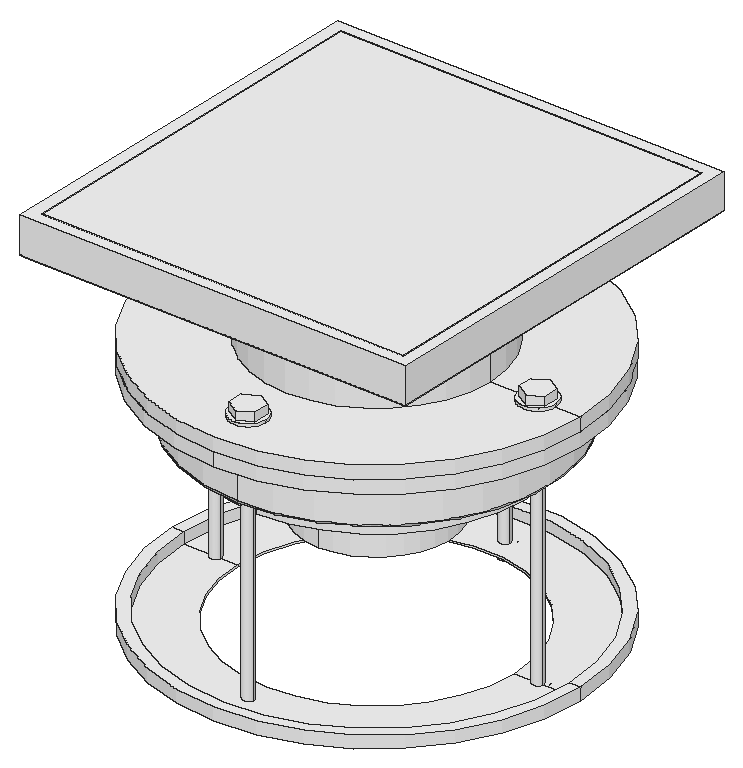
Revit family "R1100-PR", category Plumbing Fixtures, host Face, Revit 2018
Family settings
  Host = Face
  Round Connector Dimension = Use Radius
  Part Type = Normal
  Cut with Voids When Loaded = No
  Shared = No
  Room Calculation Point = No
Parameters (values of type "3" Drain Pipe Size")
  WFU = 0
  URL = "WWW.MIFAB.COM"
  Top Assembly Adjustment = 0' - 3"
  Pipe Radius = Pipe Diameter / 2  # 0' - 1 1/2"
  Pipe Diameter = 0' - 3"
  Model = "R1100-PR"
  Manufacturer = "MIFAB"
  Floor Drain Material = Paint - Sherwin Williams Paint - #952C2A - Bellwood Red
  Description = "PROMENADE DECK DRAIN"
  Default Elevation = 0' - 0"
  CWFU = 0
  Bottom Adjustmen = 0' - 4 3/4"
  Assembly Code = ""
Types (6): name | Pipe Radius | Pipe Diameter | Bottom Adjustmen
  (no name) | 0' - 1 1/2" | 0' - 3" | 0' - 4 3/4"
  6" Drain Pipe Size | 0' - 3" | 0' - 6" | 0' - 4 3/4"
  5" Drain Pipe Size | 0' - 2 1/2" | 0' - 5" | 0' - 4 3/4"
  4" Drain Pipe Size | 0' - 2" | 0' - 4" | 0' - 4 43/64"
  3" Drain Pipe Size | 0' - 1 1/2" | 0' - 3" | 0' - 4 3/4"
  2" Drain Pipe Size | 0' - 1" | 0' - 2" | 0' - 4 3/4"
Reference planes (in)
  plane 1 "Center (Front/Back)": y = 0
  plane 2: z = 0
  plane 3 "Center (Left/Right)": x = 0
  plane 4: z = -1.87436
  plane 5: z = -1.24936
  plane 6: y = -3.46875
  plane 7: y = 3.46875
  plane 8: y = 4
  plane 9: y = -4
  plane 10: y = -1.5
  plane 11: y = 1.5
  plane 12: x = -3.75
  plane 13: x = 3.75
  plane 14: z = -0.26875
  plane 15: z = -0.16875
  plane 16: y = 3.75
  plane 17: y = -3.75
  plane 18: x = 4
  plane 19: x = -4.0364
  plane 20: z = -7.75
  plane 21: z = -8
  plane 22: z = -2.86796
  plane 23: z = -5.97976
  plane 24: z = -3
  plane 25: z = -3.27664
  plane 26: z = -4.22855
  plane 27: z = -2.72336
Forms (in)
  Revolve 1, solid, material "Paint - Sherwin Williams Paint - #952C2A - Bellwood Red" <- "Floor Drain Material"
    sketch origin (0, 0.04396, -1.24936) x (0, 1, 0) y (0, 0, 1)
      loop
        line (-2.48414, -1.75064) -> (-4.27833, -1.75064) -> (-4.27833, -2.02728) -> (-3.65555, -2.02728) -> (-3.65555, -2.94225)
        arc (-3.65555, -2.94225) -> (-3.64473, -2.96837) -> (-3.61861, -2.97919) r 0.03694
        line (-3.61861, -2.97919) -> (-3.15087, -2.97919) -> (-3.15087, -3.39097) -> (-1.54396, -3.56314) -> (-1.54396, -4.7304) -> (-1.29396, -4.7304) -> (-1.29396, -2.97919) -> (-2.48414, -2.97919) -> (-2.48414, -1.75064)
      axis (-0.04396, -1.75064) -> (-0.04396, -4.7304)
    angle from 0 to 360
  Extrusion 2, solid, material "Paint - Sherwin Williams Paint - #952C2A - Bellwood Red" <- "Floor Drain Material"
    sketch origin (0, 0, 0) x (1, 0, 0) y (0, 1, 0)
      loop
        line (-3.75, 3.75) -> (-3.75, -4) -> (3.75, -4) -> (3.75, 3.75) -> (-3.75, 3.75)
    from -0.53421 to 0
  Revolve 3, solid, material "Paint - Sherwin Williams Paint - #952C2A - Bellwood Red" <- "Floor Drain Material"
    sketch origin (0, 0, 0) x (1, 0, 0) y (0, 0, 1)
      loop
        line (2.1675, -3) -> (4.23438, -3) -> (4.23438, -2.72336) -> (2.35941, -2.72336) -> (2.35941, -1.64768) -> (3.3572, -0.79448) -> (5.89891, -0.79448) -> (5.89891, -0.53421) -> (3.32642, -0.53421) -> (2.1675, -1.54854) -> (2.1675, -3)
      axis (0, -3) -> (0, -0.53421)
    angle from 0 to 360
  Extrusion 4, void
    sketch origin (0, 0, -0.53421) x (0, 1, 0) y (1, 0, 0)
      loop
        line (-4, -3.75) -> (3.75, -3.75) -> (3.75, 3.75) -> (-4, 3.75) -> (-4, -3.75)
      loop
        circle (0, 0) r 5.89891
    from 0 to 0.26027
  Sweep 5, solid, material "Paint - Sherwin Williams Paint - #952C2A - Bellwood Red" <- "Floor Drain Material"
    path origin (0, 0, -0.53421) x (1, 0, 0) y (0, 1, 0)
      loop
        line (3.75, -4) -> (3.75, 3.75) -> (-3.75, 3.75) -> (-3.75, -4) -> (3.75, -4)
    profile origin (3.75, -0.125, -0.53421) x (-1, 0, 0) y (0, 0, 1)
      loop
        line (0, -0.26027) -> (0, 0.53421) -> (-0.25, 0.53421) -> (-0.25, -0.19406) -> (-0.18379, -0.26027) -> (0, -0.26027)
  Revolve 6, solid, material "Paint - Sherwin Williams Paint - #952C2A - Bellwood Red" <- "Floor Drain Material"
    sketch origin (0, 0, 0) x (1, 0, 0) y (0, 0, 1)
      loop
        line (2.87658, -8) -> (4.23438, -8) -> (4.23438, -7.75) -> (4, -7.75) -> (4, -7.96875) -> (2.87658, -7.96875) -> (2.87658, -8)
      axis (0, -7.75) -> (0, -8)
    angle from 0 to 360
Cuts and joins
  Extrusion 4 cuts Revolve 1
  Extrusion 4 cuts Revolve 3
  joined: Revolve 3, Sweep 5
Dimensions and locks (in)
  plane 5 to plane 4 = 0' - 0 5/8"
  equal spacing: plane 7, plane 1 "Center (Front/Back)", plane 6
  plane 7 to plane 6 = 0' - 6 15/16"
  equal spacing: plane 8, plane 1 "Center (Front/Back)", plane 9
  plane 8 to plane 9 = 0' - 8"
  equal spacing: plane 11, plane 1 "Center (Front/Back)", plane 10
  "Pipe Diameter": plane 11 to plane 10
  "Pipe Radius": plane 1 "Center (Front/Back)" to plane 10
  equal spacing: plane 12, plane 3 "Center (Left/Right)", plane 13
  plane 12 to plane 13 = 0' - 7 1/2"
  level to plane 15 to plane 14 = 0' - 0.16875" locked, 0' - 0.1" locked
  equal spacing: plane 16, plane 1 "Center (Front/Back)", plane 17
  plane 16 to plane 17 = 0' - 7 1/2"
  plane 19 to plane 18 = 0' - 8.0364"
  Revolve 1 sketch curve to Revolve 1 sketch curve to plane 9 = 0' - 0.66674", 0' - 0.89309"
  Revolve 3 sketch curve to Revolve 3 sketch curve to Revolve 3 sketch curve = 0' - 0.19191" locked, 0' - 1.87497" locked
  locked: plane 20 to plane 21 at 0.25
  nested 1 to plane 13 = 0' - 0 13/32"
  plane 20 to plane 21 = 0' - 0 1/4"
  "Bottom Adjustmen": plane 24 to plane 20
  locked: plane 24 to plane 23 at 2.97976
  locked: plane 24 to plane 25 at 0.27664
  plane 2 to plane 24 = 0' - 3"
  locked: plane 27 to plane 24 at 0.27664
  "Top Assembly Adjustment": plane 2 to plane 24
  aligned and locked: plane 2 to host face
  aligned and locked: level to host face
  aligned and locked: Revolve 1 sketch curve to plane 10
  aligned and locked: Extrusion 2 sketch curve to plane 12
  aligned and locked: Extrusion 2 sketch curve to plane 16
  aligned and locked: level to Extrusion 2
  aligned and locked: Extrusion 4 sketch curve to Extrusion 2  (x4)
  aligned and locked: Extrusion 4 sketch curve to Revolve 3  (x2)
  aligned and locked: Extrusion 4 to Extrusion 2
  aligned and locked: Extrusion 4 to cut or joined group of Revolve 3, Extrusion 4, Sweep 5
  aligned and locked: Sweep 5 sketch curve to Extrusion 2  (x4)
  aligned and locked: Revolve 6 sketch curve to plane 21
  aligned and locked: Revolve 6 sketch curve to plane 20
  aligned and locked: Revolve 6 sketch curve to plane 18
  aligned and locked: plane 3 "Center (Left/Right)" to nested 4
  aligned and locked: plane 3 "Center (Left/Right)" to nested 2
  aligned and locked: plane 1 "Center (Front/Back)" to nested 3
  aligned and locked: plane 23 to Revolve 1 sketch curve
  aligned and locked: Revolve 1 sketch curve to plane 24
  aligned and locked: plane 25 to Revolve 1 sketch curve
  aligned and locked: plane 26 to Revolve 1 sketch curve
  aligned and locked: plane 27 to nested 2
  aligned and locked: plane 27 to nested 4
  aligned and locked: plane 27 to nested 3
  aligned and locked: plane 27 to nested 1
Automatic sketch dimensions
  host sketch curve to host sketch curve = 8' - 0"  (x2)
  Extrusion 2 sketch curve to plane 9 = 0' - 0"
  Extrusion 2 sketch curve to plane 13 = 0' - 0"
  Revolve 3 sketch curve to plane 3 "Center (Left/Right)" = 0' - 0"
  plane 13 to Revolve 3 sketch curve = 0' - 1.5825"
  plane 13 to Revolve 3 sketch curve = 0' - 0.42358"
  Revolve 3 sketch curve to Revolve 3 sketch curve = 0' - 0.03079"
  Revolve 3 sketch curve to plane 18 = 0' - 1.89891"
  Revolve 3 sketch curve to Revolve 3 sketch curve = 0' - 0.09915"
  Revolve 3 sketch curve to Revolve 3 sketch curve = 0' - 1.07568"
  Revolve 3 sketch curve to Revolve 3 sketch curve = 0' - 0.27664"
  level to Revolve 3 sketch curve = 0' - 1.67327"
  Revolve 3 sketch curve to Revolve 3 sketch curve = 0' - 0 1/4"
  Sweep 5 sketch curve to profile plane = 0' - 0"
  Sweep 5 sketch curve to Sweep 5 sketch curve = 0' - 0 1/4"
  Sweep 5 sketch curve to profile plane = 0' - 0.26027"
  profile plane to Sweep 5 sketch curve = 0' - 0.53421"
  Sweep 5 sketch curve to Sweep 5 sketch curve = 0' - 0.06621"  (x2)
  Revolve 6 sketch curve to plane 3 "Center (Left/Right)" = 0' - 0"
  plane 13 to Revolve 6 sketch curve = 0' - 0.87342"
  Revolve 6 sketch curve to plane 18 = 0' - 0 15/64"
  Revolve 6 sketch curve to plane 20 = 0' - 0 7/32"
  Revolve 6 sketch curve to Revolve 6 sketch curve = 0' - 0.32198"
  Revolve 1 sketch curve to plane 1 "Center (Front/Back)" = 0' - 0"
  plane 23 to Revolve 1 sketch curve = 0' - 0"
  plane 6 to Revolve 1 sketch curve = 0' - 0.1059"
  plane 17 to Revolve 1 sketch curve = 0' - 0.13841"
  Revolve 1 sketch curve to plane 9 = 0' - 0 15/64"
  Revolve 1 sketch curve to plane 10 = 0' - 0 1/4"
  Revolve 1 sketch curve to plane 4 = 0' - 0 1/4"
  plane 26 to Revolve 1 sketch curve = 0' - 0"
  Revolve 1 sketch curve to plane 26 = 0' - 0.58395"
  Revolve 1 sketch curve to plane 26 = 0' - 0.41178"
  Revolve 6 sketch curve to plane 23 = 0' - 0.95805"
  Revolve 3 sketch curve to plane 24 = 0' - 0"
  Revolve 3 sketch curve to plane 14 = 0' - 0.52573"
  Revolve 3 sketch curve to Revolve 3 sketch curve = 0' - 0.26027"
Nested families (in)
  nested 1: "Bolt" at (3.34375, 0, -7.96875), type "Bolt"
    with Height 0' - 5.24539"
  nested 2: "Bolt" at (0, -3.33353, -7.96875), type "Bolt"
    with Height 0' - 5.24539"
  nested 3: "Bolt" at (-3.34375, 0, -7.96875), type "Bolt"
    with Height 0' - 5.24539"
  nested 4: "Bolt" at (0, 3.32003, -7.96875), type "Bolt"
    with Height 0' - 5.24539"
Connectors (in)
  piping at (0, 0, -5.97976), diameter 3, driven by "Pipe Radius", driven by "WFU"
    settings: on Revolve 1, index 2, connector inside diameter 2", connector length 0' - 0", flow factor 0, pipe flow 0 GPM, pressure drop 0.00 psi, fitting loss kfactor 0, connector angle 0.00°, fixture units 0, engagement length 0' - 0", angle of deflection 0.00°, flow configuration 3, flow direction 2, fitting loss method 0, system type 16, joint type 0, gender type 0, connector reference index -1, connector utility 0, adjustable connector no, is connector primary yes, connector description "Sanitary Out"
Definition of nested family "Bolt"
  Parameters (values of type "Bolt")
    Material = none
    Height [instance] = 1' - 1.38583"
    Default Elevation = 4' - 0"
  Reference planes (in)
    plane 1 "Center (Front/Back)": y = 0
    plane 2: z = 0
    plane 3 "Center (Left/Right)": x = 0
    plane 4: z = 13.38583
    plane 5: z = 13.61585
    plane 6: z = 13.43906
  Forms (in)
    Extrusion 1, solid
      sketch origin (0, 0, 0) x (1, 0, 0) y (0, 1, 0)
        loop
          line (-48, 48) -> (-48, -48) -> (48, -48) -> (48, 48) -> (-48, 48)
      from 0 to -12
    Revolve 2, solid, material <- "Material"
      sketch origin (0, 0, 0) x (1, 0, 0) y (0, 0, 1)
        loop
          line (0, 13.38583) -> (0, -0.31052) -> (0.11073, -0.31052) -> (0.11073, -0.12525) -> (0.20961, -0.12525) -> (0.20961, -0.0251) -> (0.11073, -0.0251) -> (0.11073, 13.38583) -> (0, 13.38583)
        axis (0, -0.31052) -> (0, 13.38583)
      angle from 0 to 360
    Extrusion 3, solid, material <- "Material"
      sketch origin (0, 0, 0) x (1, 0, 0) y (0, 1, 0)
        loop
          line (0, 0.31786) -> (-0.27527, 0.15893) -> (-0.27527, -0.15893) -> (0, -0.31786) -> (0.27527, -0.15893) -> (0.27527, 0.15893) -> (0, 0.31786)
      from 13.61585 to 13.38583
    Extrusion 4, solid, material <- "Material"
      sketch origin (0, 0, 0) x (1, 0, 0) y (0, 1, 0)
        loop
          circle (0, 0) r 0.36916
      from 13.43906 to 13.38583
  Cuts and joins
    joined: Extrusion 3, Extrusion 4
  Dimensions and locks (in)
    "Height": plane 4 to plane 2
    plane 5 to plane 6 to plane 4 = 0' - 0.17679" locked, 0' - 0.05323" locked
    locked: plane 2 to Revolve 2 sketch curve at 0.0251
    aligned and locked: plane 2 to Extrusion 1
    aligned and locked: level to Extrusion 1
    aligned and locked: Revolve 2 sketch curve to plane 3 "Center (Left/Right)"
    aligned and locked: plane 4 to Extrusion 3
    aligned and locked: Extrusion 3 to Revolve 2
    aligned and locked: plane 5 to Extrusion 3
    aligned and locked: plane 4 to Extrusion 4
    aligned and locked: plane 6 to cut or joined group of Extrusion 3, Extrusion 4
  Automatic sketch dimensions
    Extrusion 1 sketch curve to Extrusion 1 sketch curve = 8' - 0"  (x2)
    Extrusion 3 sketch curve to plane 3 "Center (Left/Right)" = 0' - 0"  (x2)
    Extrusion 3 sketch curve to plane 3 "Center (Left/Right)" = 0' - 0.27527"
    plane 3 "Center (Left/Right)" to Extrusion 3 sketch curve = 0' - 0.27527"
    plane 1 "Center (Front/Back)" to Extrusion 3 sketch curve = 0' - 0.31786"
    plane 1 "Center (Front/Back)" to Extrusion 3 sketch curve = 0' - 0.15893"  (x2)
    Extrusion 3 sketch curve to plane 1 "Center (Front/Back)" = 0' - 0.15893"  (x2)
    Extrusion 3 sketch curve to plane 1 "Center (Front/Back)" = 0' - 0.31786"
    plane 1 "Center (Front/Back)" to Extrusion 4 sketch curve = 0' - 0"
    Extrusion 4 sketch curve to plane 3 "Center (Left/Right)" = 0' - 0"
    Revolve 2 sketch curve to plane 3 "Center (Left/Right)" = 0' - 0"
    Revolve 2 sketch curve to plane 4 = 0' - 0"
    plane 3 "Center (Left/Right)" to Revolve 2 sketch curve = 0' - 0.11073"
    Revolve 2 sketch curve to Revolve 2 sketch curve = 0' - 0"
    Revolve 2 sketch curve to Revolve 2 sketch curve = 0' - 0.09888"
    Revolve 2 sketch curve to Revolve 2 sketch curve = 0' - 0.10015"
    Revolve 2 sketch curve to Revolve 2 sketch curve = 0' - 0.18526"
    plane 5 to Revolve 2 sketch curve = 0' - 5.15876"
    Revolve 2 sketch curve to Revolve 2 sketch curve = 0' - 5.51181"
    radius of Extrusion 4 sketch curve = 0' - 0.36916"
